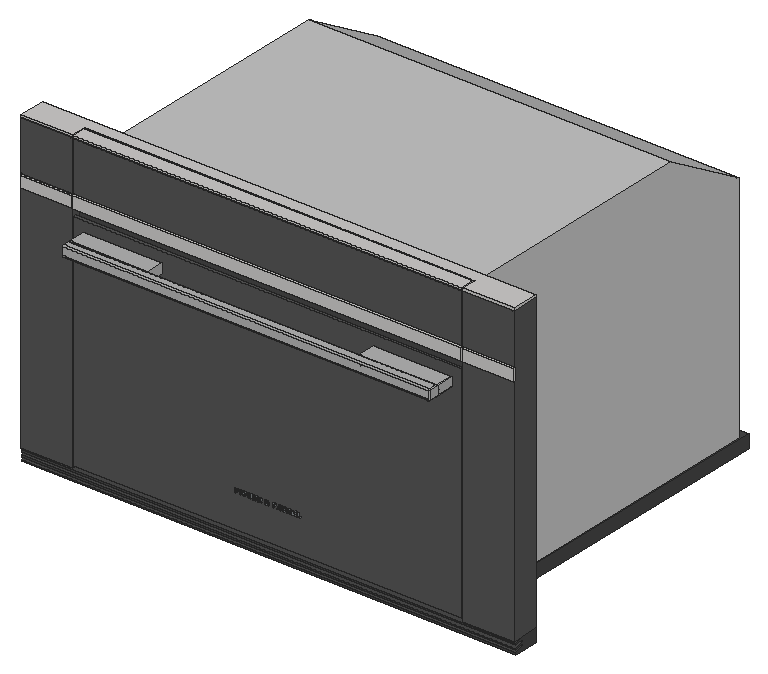
Revit family "FP_Revit_18_OS60NDB1_w_TK76NDB1_Steam_Oven_w_76cm_Trimkit_90000817A", category Specialty Equipment, Revit 2018
Family settings
  Round Connector Dimension = Use Diameter
  Part Type = Normal
  OmniClass Number = 23.40.40.14.17.31
  OmniClass Title = Small Specialized Cooking Equipment
  Work Plane-Based = No
  Always vertical = Yes
  Cut with Voids When Loaded = Yes
  Shared = No
  Room Calculation Point = No
Parameters (values of type "OS60NDB1 + TK76NDB1")
  Visibility - Clearance Required = yes
  URL = "www.fisherpaykel.com"
  Product - Width = 757 mm  # constant formula
  Product - Height = 478 mm  # constant formula
  Product - Depth = 614 mm  # constant formula
  Model = "OS60NDB1 + TK76NDB1"
  Material - Trim = Fisher & Paykel - Stainless Steel
  Material - Structure = Fisher & Paykel - Black
  Material - Handle = Fisher & Paykel - Aluminium
  Material - Glass = Fisher & Paykel - Glass, Black
  Material - Body = Fisher & Paykel - Grey
  Manufacturer = "Fisher & Paykel Appliances"
  FFL Offset [instance] = 900 mm
  Description = "60cm Steam Oven + 76cm Trimkit"
  Connector Description - Electrical = "220-240 V, 50 Hz, 14.5 A"
  Chassis - Width = 560 mm  # constant formula
  Chassis - Height = 446 mm  # constant formula
  Chassis - Depth = 540 mm  # constant formula
  Cavity - Width = 560 mm  # constant formula
  Cavity - Height = 480 mm  # constant formula
  Cavity - Depth = 560 mm  # constant formula
Reference planes
  plane 1 "Center (Front/Back)": y = 0
  plane 2: z = 0
  plane 3 "Center (Left/Right)": x = 0
  plane 4: z = 1380
  plane 5: z = 1378
  plane 6 "Product LHS": x = -378.5
  plane 7 "Product RHS": x = 378.5
  plane 8 "Product - Depth": y = 0
  plane 9 "Cavity LHS": x = -380
  plane 10 "Cavity RHS": x = 380
  plane 11 "Cavity - Depth": y = 560
  plane 12 "Front Face": y = -41.5
  plane 13 "Chassis - Height": z = 0
  plane 14 "Product Depth": y = 540
  plane 15 "FFL Offset": z = 900
Forms (mm)
  Extrusion 1, void
    sketch origin (0, 0, 0) x (0, 1, 0) y (0, 0, 1)
      loop
        line (-41.5, 1380) -> (-41.5, 900) -> (0, 900) -> (0, 1380) -> (-41.5, 1380)
    from -380 to 380
  Extrusion 2, void
    sketch origin (0, 0, 0) x (0, 1, 0) y (0, 0, 1)
      loop
        line (560, 1370) -> (0, 1370) -> (0, 900) -> (560, 900) -> (560, 1370)
    from -280 to 280
Text (mm)
  text "Due to ongoing product development, product details are subject to change without notice. \nPlease always refer to www.fisherpaykel.com for the most current product information. \n© Fisher & Paykel 2020" at (41.04, -413.295, 0), in view "Ref. Level (Plan)"
Dimensions and locks
  equal spacing: plane 6 "Product LHS", plane 3 "Center (Left/Right)", plane 7 "Product RHS"
  "Product - Width": plane 6 "Product LHS" to plane 7 "Product RHS"
  equal spacing: plane 9 "Cavity LHS", plane 3 "Center (Left/Right)", plane 10 "Cavity RHS"
  locked: plane 9 "Cavity LHS" to plane 10 "Cavity RHS" at 760
  plane 12 "Front Face" to plane 1 "Center (Front/Back)" = 41.5 mm
  "Chassis - Depth": plane 1 "Center (Front/Back)" to plane 14 "Product Depth"
  "FFL Offset": plane 15 "FFL Offset" to level
  "Cavity - Depth": plane 1 "Center (Front/Back)" to plane 11 "Cavity - Depth"
  "Product - Height": plane 5 to plane 15 "FFL Offset"
  "Cavity - Height": plane 4 to plane 15 "FFL Offset"
  "Cavity - Width": Extrusion 2 to Extrusion 2
  aligned and locked: level to plane 2
  aligned and locked: plane 15 "FFL Offset" to nested 2
  aligned and locked: nested 2 to plane 8 "Product - Depth"
  aligned and locked: plane 12 "Front Face" to nested 2
  aligned and locked: plane 12 "Front Face" to Extrusion 1 sketch curve
  aligned and locked: Extrusion 1 sketch curve to plane 8 "Product - Depth"
  aligned and locked: plane 15 "FFL Offset" to Extrusion 1 sketch curve
  aligned and locked: Extrusion 1 sketch curve to plane 4
  aligned and locked: Extrusion 1 to plane 10 "Cavity RHS"
  aligned and locked: plane 9 "Cavity LHS" to Extrusion 1
  aligned and locked: Extrusion 2 sketch curve to plane 8 "Product - Depth"
  aligned and locked: Extrusion 2 sketch curve to plane 15 "FFL Offset"
  aligned and locked: plane 11 "Cavity - Depth" to Extrusion 2 sketch curve
  aligned and locked: Extrusion 2 sketch curve to nested 2
Nested families
  nested 1: "FP_Revit_18_OS60NDB1_Steam_Oven_90000817A" at (0, -19.5, 20), FFL Offset <- "FFL Offset", type "OM60NDB1"
    with FFL Offset 900 mm
  nested 2: "FP_Revit_18_TK76ND_Trimkits_90001189A" at (0, 0, 0), FFL Offset <- "FFL Offset", type "TK76NDB1"
    with FFL Offset 900 mm
Connectors
  electrical at (-193.854, 529.119, 959.454), driven by "Connector Description - Electrical"
    settings: on nested 1, index 1, voltage 230 V, apparent load 0 VA, apparent load phase1 0 VA, apparent load phase2 0 VA, apparent load phase3 0 VA, power factor 1, load classification "Other", number of poles 1, system type 30, power factor state 1, is connector primary yes, connector utility no, sub classification motor no, connector description "220-240 V, 50 Hz, 14.5 A"
Definition of nested family "FP_Revit_18_OS60NDB1_Steam_Oven_90000817A"
  Parameters (values of type "OS60NDBB1")
    Visibility - Clearance Required = yes
    URL = "www.fisherpaykel.com"
    Product - Width = 596 mm  # constant formula
    Product - Height = 458 mm  # constant formula
    Product - Depth = 562 mm  # constant formula
    Model = "OS60NDBB1"
    Material - Trim = none
    Material - Structure = none
    Material - Handle = none
    Material - Glass = none
    Material - Body = none
    Manufacturer = "Fisher & Paykel Appliances"
    FFL Offset [instance] = 900 mm
    Description = "60cm Steam Oven"
    Connector Description - Electrical = "220-240 V, 50 Hz, 14.5 A"
    Chassis - Width = 556 mm  # constant formula
    Chassis - Height = 446 mm  # constant formula
    Chassis - Depth = 540 mm  # constant formula
    Cavity - Width = 600 mm  # constant formula
    Cavity - Height = 460 mm  # constant formula
    Cavity - Depth = 560 mm  # constant formula
  Types (4, lengths in mm): name | Model | Description
    OS60NDB1 | "OS60NDB1" | "60cm Steam Oven"
    OM60NDB1 | "OM60NDB1" | "60cm Microwave Oven"
    OM60NDBB1 | "OM60NDBB1" | "60cm Microwave Oven"
    OS60NDBB1 | "OS60NDBB1" | "60cm Steam Oven"
  Reference planes
    plane 1 "Center (Front/Back)": y = 0
    plane 2: z = 0
    plane 3 "Center (Left/Right)": x = 0
    plane 4: z = 1360
    plane 5: z = 1358
    plane 6 "Product LHS": x = -298
    plane 7 "Product RHS": x = 298
    plane 8 "Product - Depth": y = 0
    plane 9 "Cavity LHS": x = -300
    plane 10 "Cavity RHS": x = 300
    plane 11 "Cavity - Depth": y = 560
    plane 12 "Front Face": y = -22
    plane 13 "Chassis - Height": z = 0
    plane 14 "Product Depth": y = 540
    plane 15 "FFL Offset": z = 900
  Forms (mm)
    Extrusion 1, solid, material <- "Material - Body"
      sketch origin (0, 0, 0) x (0, 1, 0) y (0, 0, 1)
        loop
          line (0, 1346) -> (0, 907.28) -> (5.16, 907.28) -> (5.16, 900) -> (534.187, 900) -> (534.187, 1257.991) -> (403.295, 1336.64) -> (24.316, 1336.64) -> (8.71, 1346) -> (0, 1346)
      from -278 to 278
    Extrusion 2, solid, material <- "Material - Structure", detail levels fine
      sketch origin (0, 0, 0) x (0, 1, 0) y (0, 0, 1)
        loop
          line (0, 1353.9) -> (-2, 1353.9) -> (-2, 1355) -> (-18, 1355) -> (-18, 1258) -> (-9.89, 1258) -> (-9.89, 907.28) -> (0, 907.28) -> (0, 1353.9)
      from -298 to 298
    Extrusion 3, solid, material <- "Material - Trim", detail levels fine
      sketch origin (0, 0, 0) x (0, 1, 0) y (0, 0, 1)
        loop
          line (-22, 1358) -> (-22, 1355) -> (-2, 1355) -> (-2, 1358) -> (-22, 1358)
      from -298 to 298
    Extrusion 4, solid, material <- "Material - Glass", detail levels fine
      sketch origin (0, 0, 0) x (0, 1, 0) y (0, 0, 1)
        loop
          line (-18, 1355) -> (-20.262, 1355)
          arc (-20.262, 1355) -> (-21.236, 1354.682) -> (-22, 1354) r 2.5
          line (-22, 1354) -> (-22, 1258) -> (-18, 1258) -> (-18, 1355)
      from -298 to 298
    Extrusion 5, solid, material <- "Material - Glass", detail levels fine
      sketch origin (0, 0, 0) x (0, 1, 0) y (0, 0, 1)
        loop
          line (-22, 1246.53) -> (-22, 904.53) -> (-18, 904.53) -> (-18, 1246.53) -> (-22, 1246.53)
      from -298 to 298
    Extrusion 6, solid, material <- "Material - Structure", detail levels fine
      sketch origin (0, 0, 0) x (0, 1, 0) y (0, 0, 1)
        loop
          line (-18, 1229.33) -> (-18, 907.28) -> (-9.89, 907.28) -> (-9.89, 1229.33) -> (-18, 1229.33)
      from -278 to 278
    Extrusion 7, void
      sketch origin (0, 0, 0) x (1, 0, 0) y (0, 0, 1)
        loop
          line (-158.462, 1052.91) -> (-229.24, 1052.91)
          arc (-229.24, 1052.91) -> (-232.776, 1051.446) -> (-234.24, 1047.91) r 5
          line (-234.24, 1047.91) -> (-234.24, 955.13)
          arc (-234.24, 955.13) -> (-232.776, 951.594) -> (-229.24, 950.13) r 5
          line (-229.24, 950.13) -> (-158.462, 950.13)
          arc (-158.462, 950.13) -> (-154.926, 951.594) -> (-153.462, 955.13) r 5
          line (-153.462, 955.13) -> (-153.462, 1047.91)
          arc (-153.462, 1047.91) -> (-154.926, 1051.446) -> (-158.462, 1052.91) r 5
      from -539.6 to -521.6
    Sweep 8, void
      path in 3D
        loop
          arc (-153.462, 521.6, 955.13) -> (-154.926, 521.6, 951.594) -> (-158.462, 521.6, 950.13) r 5
          line (-158.462, 521.6, 950.13) -> (-229.24, 521.6, 950.13)
          arc (-229.24, 521.6, 950.13) -> (-232.776, 521.6, 951.594) -> (-234.24, 521.6, 955.13) r 5
          line (-234.24, 521.6, 955.13) -> (-234.24, 521.6, 1047.91)
          arc (-234.24, 521.6, 1047.91) -> (-232.776, 521.6, 1051.446) -> (-229.24, 521.6, 1052.91) r 5
          line (-229.24, 521.6, 1052.91) -> (-158.462, 521.6, 1052.91)
          arc (-158.462, 521.6, 1052.91) -> (-154.926, 521.6, 1051.446) -> (-153.462, 521.6, 1047.91) r 5
          line (-153.462, 521.6, 1047.91) -> (-153.462, 521.6, 955.13)
      profile origin (-153.462, 521.6, 1001.52) x (-1, 0, 0) y (0, -1, 0)
        loop
          line (0, 0) -> (-21.3, -12.587) -> (0, -12.587) -> (0, 0)
    Extrusion 9, solid, material <- "Material - Body", detail levels medium+fine
      sketch origin (0, 0, -100) x (1, 0, 0) y (0, 0, 1)
        loop
          line (-175.354, 1115.273) -> (-212.354, 1115.273) -> (-212.354, 1057.273) -> (-175.354, 1057.273) -> (-175.354, 1115.273)
      from -540 to -521.6
    Extrusion 10, solid, material <- "Material - Trim", detail levels fine
      sketch origin (0, 0, 0) x (0, 1, 0) y (0, 0, 1)
        loop
          line (-22, 1258) -> (-22, 1277.8) -> (-22.8, 1277.8) -> (-23.7, 1275.5) -> (-23.7, 1258) -> (-22, 1258)
      from -298 to 298
    Extrusion 11, solid, visible <- "Visibility - Clearance Required", detail levels coarse
      sketch origin (0, 0, 0) x (1, 0, 0) y (0, 1, 0)
        loop
          line (-280, 0) -> (280, 0) -> (280, 548.619) -> (-280, 548.619) -> (-280, 0)
      from 900 to 1360
    Extrusion 12, solid, visible <- "Visibility - Clearance Required", detail levels coarse
      sketch origin (0, 0, 0) x (0, 1, 0) y (0, 0, 1)
        loop
          arc (-22, 1246.53) -> (-241.159, 1161.206) -> (-341.563, 948.532) r 317.644
          line (-341.563, 948.532) -> (-326.406, 946.445) -> (-332.106, 905.048) -> (-316.871, 902.951) -> (-311.171, 944.347) -> (-22, 904.53) -> (-22, 900) -> (0, 900) -> (0, 1360) -> (-22, 1360) -> (-22, 1246.53)
      from -300 to 300
    Sweep 13, solid, material <- "Material - Body", detail levels fine
      path origin (0, 0, -100) x (0, 1, 0) y (0, 0, 1)
        loop
          arc (530.8, 1057.273) -> (536.019, 1044.673) -> (548.619, 1039.454) r 17.819
      profile origin (0, 536.019, 944.673) x (0, 0.707107, 0.707107) y (1, 0, 0)
        loop
          circle (0, -193.854) r 5
    Extrusion 14, solid, material <- "Material - Glass", detail levels coarse+medium
      sketch origin (0, 0, 0) x (0, 1, 0) y (0, 0, 1)
        loop
          line (-22, 1358) -> (-22, 1258) -> (-9.89, 1258) -> (-9.89, 1229.33) -> (-18, 1229.33) -> (-18, 1246.53) -> (-22, 1246.53) -> (-22, 904.53) -> (-18, 904.53) -> (-18, 907.28) -> (0, 907.28) -> (0, 1353.9) -> (-2, 1353.9) -> (-2, 1358) -> (-22, 1358)
      from -298 to 298
    Extrusion 15, solid, material <- "Material - Body", not visible, detail levels medium+fine
      sketch origin (0, 0, 0) x (1, 0, 0) y (0, 0, 1)
        loop
          line (-175.354, 1115.273) -> (-212.354, 1115.273) -> (-212.354, 1057.273) -> (-175.354, 1057.273) -> (-175.354, 1115.273)
      from -540 to -521.6
    Sweep 16, solid, material <- "Material - Body", not visible, detail levels fine
      path origin (0, 0, 0) x (0, 1, 0) y (0, 0, 1)
        loop
          arc (530.8, 1057.273) -> (536.019, 1044.673) -> (548.619, 1039.454) r 17.819
      profile origin (0, 536.019, 1044.673) x (0, 0.707107, 0.707107) y (1, 0, 0)
        loop
          circle (0, -193.854) r 5
    Extrusion 17, void
      sketch origin (0, 0, 0) x (1, 0, 0) y (0, 1, 0)
        loop
          line (-280, 0) -> (280, 0) -> (280, 548.619) -> (-280, 548.619) -> (-280, 0)
      from 900 to 1360
    Extrusion 18, solid, visible <- "Visibility - Clearance Required", detail levels coarse
      sketch origin (0, 0, 0) x (0, 1, 0) y (0, 0, 1)
        loop
          arc (-22, 1246.53) -> (-241.159, 1161.206) -> (-341.563, 948.532) r 317.644
          line (-341.563, 948.532) -> (-326.406, 946.445) -> (-332.106, 905.048) -> (-316.871, 902.951) -> (-311.171, 944.347) -> (-22, 904.53) -> (-22, 900) -> (0, 900) -> (0, 1360) -> (-22, 1360) -> (-22, 1246.53)
      from -300 to 300
    Extrusion 19, void
      sketch origin (0, 0, 0) x (0, 1, 0) y (0, 0, 1)
        loop
          line (-22, 1360) -> (-22, 900) -> (0, 900) -> (0, 1360) -> (-22, 1360)
      from -300 to 300
  Cuts and joins
    Extrusion 7, Sweep 8 cuts Extrusion 1
    Extrusion 7 cuts Extrusion 2
    Extrusion 7 cuts Extrusion 5
    Extrusion 7 cuts Extrusion 6
  Lines and regions (mm)
    sketch lines
      curve 1: line (-153.462, 521.6, 1047.91) -> (-153.462, 521.6, 955.13)
      curve 2: arc (-153.462, 521.6, 1047.91) -> (-154.926, 521.6, 1051.446) -> (-158.462, 521.6, 1052.91) r 5
      curve 3: line (-229.24, 521.6, 1052.91) -> (-158.462, 521.6, 1052.91)
      curve 4: arc (-229.24, 521.6, 1052.91) -> (-232.776, 521.6, 1051.446) -> (-234.24, 521.6, 1047.91) r 5
      curve 5: line (-234.24, 521.6, 955.13) -> (-234.24, 521.6, 1047.91)
      curve 6: arc (-234.24, 521.6, 955.13) -> (-232.776, 521.6, 951.594) -> (-229.24, 521.6, 950.13) r 5
      curve 7: arc (-158.462, 521.6, 950.13) -> (-154.926, 521.6, 951.594) -> (-153.462, 521.6, 955.13) r 5
      curve 8: line (-158.462, 521.6, 950.13) -> (-229.24, 521.6, 950.13)
  Text (mm)
    text "Due to ongoing product development, product details are subject to change without notice. \nPlease always refer to www.fisherpaykel.com for the most current product information. \n© Fisher & Paykel 2020" at (41.04, -413.295, 0), in view "Ref. Level (Plan)"
  Dimensions and locks
    equal spacing: plane 6 "Product LHS", plane 3 "Center (Left/Right)", plane 7 "Product RHS"
    "Product - Width": plane 6 "Product LHS" to plane 7 "Product RHS"
    equal spacing: plane 9 "Cavity LHS", plane 3 "Center (Left/Right)", plane 10 "Cavity RHS"
    "Cavity - Width": plane 9 "Cavity LHS" to plane 10 "Cavity RHS"
    "Cavity - Depth": plane 11 "Cavity - Depth" to plane 1 "Center (Front/Back)"
    locked: plane 12 "Front Face" to plane 1 "Center (Front/Back)" at 22
    "Chassis - Depth": plane 1 "Center (Front/Back)" to plane 14 "Product Depth"
    Extrusion 1 sketch curve to plane 14 "Product Depth" = 5.813 mm
    equal spacing: cut or joined group of Extrusion 1, Extrusion 7, Sweep 8, plane 3 "Center (Left/Right)", cut or joined group of Extrusion 1, Extrusion 7, Sweep 8
    "Chassis - Width": cut or joined group of Extrusion 1, Extrusion 7, Sweep 8 to cut or joined group of Extrusion 1, Extrusion 7, Sweep 8
    "FFL Offset": plane 15 "FFL Offset" to level
    locked: nested 2 to plane 15 "FFL Offset" at 61.04
    locked: cut or joined group of Extrusion 1, Extrusion 7, Sweep 8 to plane 15 "FFL Offset" at 7.28
    locked: Extrusion 14 to plane 15 "FFL Offset" at 4.53
    locked: cut or joined group of Extrusion 1, Extrusion 7, Sweep 8 to plane 15 "FFL Offset" at 436.64
    "Chassis - Height": cut or joined group of Extrusion 1, Extrusion 7, Sweep 8 to plane 15 "FFL Offset"
    Extrusion 11 to plane 15 "FFL Offset" = 460 mm
    locked: plane 15 "FFL Offset" to Extrusion 9 at 57.273
    locked: plane 15 "FFL Offset" to cut or joined group of Extrusion 1, Extrusion 7, Sweep 8 at 50.13
    "Product - Height": plane 5 to plane 15 "FFL Offset"
    "Cavity - Height": plane 4 to plane 15 "FFL Offset"
    locked: nested 1 to plane 15 "FFL Offset" at 330.978
    locked: plane 5 to Extrusion 14 at 100
    locked: plane 5 to Extrusion 14 at 111.47
    locked: Extrusion 12 sketch curve to plane 15 "FFL Offset" at 4.53
    locked: plane 15 "FFL Offset" to Extrusion 7 sketch curve at 152.91
    locked: plane 15 "FFL Offset" to Extrusion 7 sketch curve at 50.13
    aligned and locked: level to plane 2
    aligned and locked: Extrusion 3 sketch curve to plane 5
    aligned and locked: plane 6 "Product LHS" to Extrusion 5
    aligned and locked: Extrusion 5 to plane 7 "Product RHS"
    aligned and locked: Extrusion 4 to plane 7 "Product RHS"
    aligned and locked: plane 6 "Product LHS" to Extrusion 4
    aligned and locked: plane 6 "Product LHS" to Extrusion 3
    aligned and locked: Extrusion 3 to plane 7 "Product RHS"
    aligned and locked: plane 6 "Product LHS" to Extrusion 2
    aligned and locked: Extrusion 2 to plane 7 "Product RHS"
    aligned and locked: plane 14 "Product Depth" to Extrusion 9
    aligned and locked: cut or joined group of Extrusion 1, Extrusion 7, Sweep 8 to Extrusion 9
    aligned and locked: Extrusion 10 to plane 7 "Product RHS"
    aligned and locked: plane 6 "Product LHS" to Extrusion 10
    aligned and locked: Extrusion 14 to plane 7 "Product RHS"
    aligned and locked: plane 6 "Product LHS" to Extrusion 14
    aligned and locked: Extrusion 1 to plane 15 "FFL Offset"
    aligned and locked: Extrusion 11 to cut or joined group of Extrusion 1, Extrusion 7, Sweep 8
    aligned and locked: Extrusion 14 to cut or joined group of Extrusion 1, Extrusion 7, Sweep 8
    aligned and locked: Extrusion 2 to cut or joined group of Extrusion 1, Extrusion 7, Sweep 8
    aligned and locked: Extrusion 6 to cut or joined group of Extrusion 1, Extrusion 7, Sweep 8
    aligned and locked: plane 5 to Extrusion 3
    aligned and locked: plane 5 to Extrusion 14
    aligned and locked: Extrusion 10 to Extrusion 4
    aligned and locked: Extrusion 14 to Extrusion 4
    aligned and locked: Extrusion 4 to cut or joined group of Extrusion 2, Extrusion 7
    aligned and locked: Extrusion 5 to Extrusion 14  (x2)
    aligned and locked: plane 4 to Extrusion 11
    aligned and locked: Extrusion 11 to Sweep 13
    aligned and locked: Extrusion 12 sketch curve to plane 15 "FFL Offset"
    aligned and locked: Extrusion 12 sketch curve to plane 4
    aligned and locked: plane 4 to Extrusion 17
    aligned and locked: Extrusion 17 to cut or joined group of Extrusion 1, Extrusion 7, Sweep 8
    aligned and locked: plane 15 "FFL Offset" to Extrusion 19 sketch curve
    aligned and locked: Extrusion 19 sketch curve to plane 4
  Automatic sketch dimensions
    Extrusion 9 sketch curve to Extrusion 9 sketch curve = 37 mm
    Extrusion 9 sketch curve to Extrusion 9 sketch curve = 58 mm
    Sweep 13 sketch curve to profile plane = 0 mm
    Sweep 13 sketch curve to Sweep 13 sketch curve = 17.819 mm
    Sweep 13 sketch curve to profile plane = 193.854 mm
    Extrusion 15 sketch curve to Extrusion 15 sketch curve = 37 mm
    Extrusion 15 sketch curve to Extrusion 15 sketch curve = 58 mm
    Sweep 16 sketch curve to profile plane = 0 mm
    Sweep 16 sketch curve to Sweep 16 sketch curve = 17.819 mm
    Sweep 16 sketch curve to profile plane = 193.854 mm
    Extrusion 1 sketch curve to plane 1 "Center (Front/Back)" = 0 mm
    Extrusion 1 sketch curve to plane 15 "FFL Offset" = 0 mm
    Extrusion 1 sketch curve to plane 1 "Center (Front/Back)" = 5.16 mm
    Extrusion 1 sketch curve to Extrusion 1 sketch curve = 8.71 mm
    Extrusion 1 sketch curve to Extrusion 1 sketch curve = 15.606 mm
    Extrusion 1 sketch curve to plane 5 = 21.36 mm
    Extrusion 1 sketch curve to plane 14 "Product Depth" = 136.705 mm
    Extrusion 1 sketch curve to Extrusion 1 sketch curve = 7.28 mm
    Extrusion 1 sketch curve to plane 5 = 100.009 mm
    Extrusion 1 sketch curve to plane 5 = 12 mm
    Extrusion 2 sketch curve to plane 1 "Center (Front/Back)" = 0 mm
    plane 1 "Center (Front/Back)" to Extrusion 2 sketch curve = 2 mm
    plane 1 "Center (Front/Back)" to Extrusion 2 sketch curve = 9.89 mm
    plane 12 "Front Face" to Extrusion 2 sketch curve = 4 mm
    plane 15 "FFL Offset" to Extrusion 2 sketch curve = 7.28 mm
    Extrusion 2 sketch curve to plane 5 = 100 mm
    Extrusion 2 sketch curve to plane 5 = 4.1 mm
    Extrusion 2 sketch curve to Extrusion 2 sketch curve = 1.1 mm
    Extrusion 3 sketch curve to plane 12 "Front Face" = 0 mm
    plane 1 "Center (Front/Back)" to Extrusion 3 sketch curve = 2 mm
    Extrusion 3 sketch curve to plane 5 = 3 mm
    Extrusion 4 sketch curve to plane 12 "Front Face" = 0 mm
    plane 12 "Front Face" to Extrusion 4 sketch curve = 1.738 mm
    plane 12 "Front Face" to Extrusion 4 sketch curve = 2.011 mm
    plane 12 "Front Face" to Extrusion 4 sketch curve = 4 mm
    Extrusion 4 sketch curve to plane 5 = 100 mm
    Extrusion 4 sketch curve to plane 5 = 5.485 mm
    Extrusion 4 sketch curve to Extrusion 4 sketch curve = 1.485 mm
    Extrusion 5 sketch curve to plane 12 "Front Face" = 0 mm
    plane 12 "Front Face" to Extrusion 5 sketch curve = 4 mm
    plane 15 "FFL Offset" to Extrusion 5 sketch curve = 4.53 mm
    Extrusion 5 sketch curve to plane 5 = 111.47 mm
    plane 12 "Front Face" to Extrusion 6 sketch curve = 4 mm
    Extrusion 6 sketch curve to Extrusion 6 sketch curve = 8.11 mm
    plane 15 "FFL Offset" to Extrusion 6 sketch curve = 7.28 mm
    Extrusion 6 sketch curve to plane 5 = 128.67 mm
    Extrusion 7 sketch curve to plane 6 "Product LHS" = 63.76 mm
    Extrusion 7 sketch curve to Extrusion 7 sketch curve = 5 mm  (x3)
    Extrusion 7 sketch curve to Extrusion 7 sketch curve = 70.778 mm  (x2)
    Sweep 8 sketch curve to profile plane = 0 mm  (x2)
    Sweep 8 sketch curve to profile plane = 21.3 mm
    profile plane to Sweep 8 sketch curve = 12.587 mm
    Extrusion 10 sketch curve to plane 12 "Front Face" = 0 mm
    Extrusion 10 sketch curve to Extrusion 10 sketch curve = 0.8 mm
    Extrusion 10 sketch curve to plane 12 "Front Face" = 1.7 mm
    Extrusion 10 sketch curve to plane 5 = 100 mm
    Extrusion 10 sketch curve to Extrusion 10 sketch curve = 17.5 mm
    Extrusion 10 sketch curve to Extrusion 10 sketch curve = 2.3 mm
    plane 1 "Center (Front/Back)" to Extrusion 11 sketch curve = 0 mm
    plane 14 "Product Depth" to Extrusion 11 sketch curve = 8.619 mm
    Extrusion 11 sketch curve to plane 6 "Product LHS" = 18 mm
    plane 7 "Product RHS" to Extrusion 11 sketch curve = 18 mm
    Extrusion 12 sketch curve to plane 12 "Front Face" = 0 mm  (x2)
    Extrusion 12 sketch curve to plane 1 "Center (Front/Back)" = 0 mm
    Extrusion 12 sketch curve to plane 12 "Front Face" = 2.526 mm
    plane 15 "FFL Offset" to Extrusion 12 sketch curve = 44.347 mm
    Extrusion 12 sketch curve to Extrusion 12 sketch curve = 286.644 mm
    plane 15 "FFL Offset" to Extrusion 12 sketch curve = 2.951 mm
    plane 15 "FFL Offset" to Extrusion 12 sketch curve = 46.445 mm
    Extrusion 12 sketch curve to Extrusion 12 sketch curve = 15.235 mm
    plane 15 "FFL Offset" to Extrusion 12 sketch curve = 48.532 mm
    Extrusion 12 sketch curve to Extrusion 12 sketch curve = 24.366 mm
    Extrusion 14 sketch curve to plane 5 = 0 mm
    Extrusion 14 sketch curve to plane 12 "Front Face" = 0 mm  (x2)
    Extrusion 14 sketch curve to plane 1 "Center (Front/Back)" = 0 mm
    plane 12 "Front Face" to Extrusion 14 sketch curve = 4 mm  (x2)
    plane 1 "Center (Front/Back)" to Extrusion 14 sketch curve = 9.89 mm
    plane 1 "Center (Front/Back)" to Extrusion 14 sketch curve = 2 mm
    Extrusion 14 sketch curve to plane 5 = 4.1 mm
    Extrusion 14 sketch curve to Extrusion 14 sketch curve = 95.9 mm
    Extrusion 14 sketch curve to Extrusion 14 sketch curve = 11.47 mm
    Extrusion 14 sketch curve to Extrusion 14 sketch curve = 17.2 mm
    plane 15 "FFL Offset" to Extrusion 14 sketch curve = 7.28 mm
    Extrusion 14 sketch curve to Extrusion 14 sketch curve = 2.75 mm
    plane 1 "Center (Front/Back)" to Extrusion 17 sketch curve = 0 mm
    plane 14 "Product Depth" to Extrusion 17 sketch curve = 8.619 mm
    Extrusion 17 sketch curve to plane 6 "Product LHS" = 18 mm
    plane 7 "Product RHS" to Extrusion 17 sketch curve = 18 mm
    Extrusion 18 sketch curve to plane 12 "Front Face" = 0 mm  (x2)
    Extrusion 18 sketch curve to plane 1 "Center (Front/Back)" = 0 mm
    Extrusion 18 sketch curve to plane 15 "FFL Offset" = 0 mm
    Extrusion 18 sketch curve to plane 4 = 0 mm
    Extrusion 18 sketch curve to plane 12 "Front Face" = 2.526 mm
    plane 15 "FFL Offset" to Extrusion 18 sketch curve = 44.347 mm
    Extrusion 18 sketch curve to Extrusion 18 sketch curve = 286.644 mm
    plane 15 "FFL Offset" to Extrusion 18 sketch curve = 2.951 mm
    Extrusion 18 sketch curve to Extrusion 18 sketch curve = 5.7 mm
    plane 15 "FFL Offset" to Extrusion 18 sketch curve = 46.445 mm
    Extrusion 18 sketch curve to Extrusion 18 sketch curve = 15.235 mm
    plane 15 "FFL Offset" to Extrusion 18 sketch curve = 48.532 mm
    Extrusion 18 sketch curve to Extrusion 18 sketch curve = 24.366 mm
    Extrusion 19 sketch curve to plane 12 "Front Face" = 0 mm
    Extrusion 19 sketch curve to plane 1 "Center (Front/Back)" = 0 mm
    radius of Sweep 13 sketch curve = 5 mm
    radius of Sweep 16 sketch curve = 5 mm
  Nested families
    nested 1: "F&P Handle Contemporary Square OB60-24" at (0, -22, 1223), type "Aluminium"
    nested 2: "F&P Logo 100mm" at (0, -22, 955), type "F&P Logo 100mm"
  Connectors
    electrical at (-193.854, 548.619, 939.454), driven by "Connector Description - Electrical"
      settings: on Sweep 13, index 1, voltage 120 V, apparent load 0 VA, apparent load phase1 0 VA, apparent load phase2 0 VA, apparent load phase3 0 VA, power factor 1, load classification none, number of poles 1, system type 30, power factor state 1, is connector primary yes, connector utility no, sub classification motor no, connector description "220-240 V, 50 Hz, 14.5 A"
  Definition of nested family "F&P Handle Contemporary Square OB60-24"
    Parameters (values of type "Aluminium Dark")
      URL = "www.fisherpaykel.com"
      Material - Handle = none
      Manufacturer = "Fisher & Paykel Appliances"
      Handle - Length = 565 mm
    Types (2): name
      Aluminium
      Aluminium Dark
    Reference planes
      plane 1 "Center (Front/Back)": y = 0
      plane 2: z = 0
      plane 3 "Center (Left/Right)": x = 0
      plane 4 "Product LHS": x = -282.5
      plane 5 "Product RHS": x = 282.5
      plane 6 "LHS Standoff": x = -162.495
      plane 7 "RHS Standoff": x = 162.505
    Forms (mm)
      Extrusion 1, solid, material <- "Material - Handle", detail levels fine
        sketch origin (0, 0, 0) x (0, 1, 0) y (0, 0, 1)
          loop
            arc (-28.701, 7.561) -> (-29.057, 7.868) -> (-29.514, 7.978) r 1
            line (-29.514, 7.978) -> (-40.5, 7.978)
            arc (-40.5, 7.978) -> (-41.561, 7.539) -> (-42, 6.478) r 1.5
            line (-42, 6.478) -> (-42, -6.522)
            arc (-42, -6.522) -> (-41.561, -7.583) -> (-40.5, -8.022) r 1.5
            line (-40.5, -8.022) -> (-29.487, -8.022)
            arc (-29.487, -8.022) -> (-29.029, -7.911) -> (-28.673, -7.602) r 1
            arc (-28.673, -7.602) -> (-26.256, -0.016) -> (-28.701, 7.561) r 13.038
        from -282.5 to 282.5
      Extrusion 2, solid, material <- "Material - Handle", detail levels fine
        sketch origin (0, 0, 0) x (0, 1, 0) y (0, 0, 1)
          loop
            arc (-28.23, 7.062) -> (-26.156, 0.008) -> (-28.198, -7.056) r 13.136
            arc (-28.198, -7.056) -> (-28.21, -7.463) -> (-27.86, -7.67) r 0.4
            line (-27.86, -7.67) -> (0, -7.67) -> (0, 7.678) -> (-27.893, 7.678)
            arc (-27.893, 7.678) -> (-28.244, 7.47) -> (-28.23, 7.062) r 0.4
        from 162.505 to 282.5
      Extrusion 3, solid, material <- "Material - Handle", detail levels fine
        sketch origin (0, 0, 0) x (0, 1, 0) y (0, 0, -1)
          loop
            arc (-28.23, -7.062) -> (-28.244, -7.47) -> (-27.893, -7.678) r 0.4
            line (-27.893, -7.678) -> (0, -7.678) -> (0, 7.67) -> (-27.86, 7.67)
            arc (-27.86, 7.67) -> (-28.21, 7.463) -> (-28.198, 7.056) r 0.4
            arc (-28.198, 7.056) -> (-26.156, -0.008) -> (-28.23, -7.062) r 13.136
        from 162.495 to 282.5
      Sweep 4, void
        path in 3D
          loop
            line (282.5, -29.514, 7.978) -> (282.5, -40.5, 7.978)
            arc (282.5, -40.5, 7.978) -> (282.5, -41.561, 7.539) -> (282.5, -42, 6.478) r 1.5
            line (282.5, -42, 6.478) -> (282.5, -42, -6.522)
            arc (282.5, -42, -6.522) -> (282.5, -41.561, -7.583) -> (282.5, -40.5, -8.022) r 1.5
            line (282.5, -40.5, -8.022) -> (282.5, -29.487, -8.022)
        profile origin (282.5, -35.007, 7.978) x (1, 0, 0) y (0, 0, 1)
          loop
            line (0, 0) -> (-1.3, 0) -> (0, -1.3) -> (0, 0)
      Sweep 5, void
        path in 3D
          loop
            line (-282.5, -29.487, -8.022) -> (-282.5, -40.5, -8.022)
            arc (-282.5, -40.5, -8.022) -> (-282.5, -41.561, -7.583) -> (-282.5, -42, -6.522) r 1.5
            line (-282.5, -42, -6.522) -> (-282.5, -42, 6.478)
            arc (-282.5, -42, 6.478) -> (-282.5, -41.561, 7.539) -> (-282.5, -40.5, 7.978) r 1.5
            line (-282.5, -40.5, 7.978) -> (-282.5, -29.514, 7.978)
        profile origin (-282.5, -35.007, 7.978) x (-1, 0, 0) y (0, 0, 1)
          loop
            line (0, 0) -> (-1.3, 0) -> (0, -1.3) -> (0, 0)
      Extrusion 6, void
        sketch origin (0, 0, 0) x (1, 0, 0) y (0, 0, 1)
          loop
            line (282.5, 7.978) -> (281.2, 7.978) -> (282.5, 6.678) -> (282.5, 7.978)
          loop
            line (282.5, -8.022) -> (282.5, -6.722) -> (281.2, -8.022) -> (282.5, -8.022)
        from 0 to 40
      Extrusion 7, void
        sketch origin (0, 0, 0) x (1, 0, 0) y (0, 0, 1)
          loop
            line (-282.5, 7.978) -> (-282.5, 6.678) -> (-281.2, 7.978) -> (-282.5, 7.978)
          loop
            line (-282.5, -8.022) -> (-281.2, -8.022) -> (-282.5, -6.722) -> (-282.5, -8.022)
        from 0 to 40
      Extrusion 8, solid, material <- "Material - Handle", detail levels coarse+medium
        sketch origin (0, 0, 0) x (1, 0, 0) y (0, 1, 0)
          loop
            line (-282.5, -42) -> (282.5, -42) -> (282.5, 0) -> (162.505, 0) -> (162.505, -26.156) -> (-162.495, -26.156) -> (-162.495, 0) -> (-282.5, 0) -> (-282.5, -42)
        from -8.022 to 7.978
    Cuts and joins
      Sweep 4, Sweep 5, Extrusion 6, Extrusion 7 cuts Extrusion 1
      Extrusion 6 cuts Extrusion 2
      Extrusion 7 cuts Extrusion 3
    Lines and regions (mm)
      sketch lines
        curve 1: line (282.5, -29.514, 7.978) -> (282.5, -40.5, 7.978)
        curve 2: arc (282.5, -42, 6.478) -> (282.5, -41.561, 7.539) -> (282.5, -40.5, 7.978) r 1.5
        curve 3: line (282.5, -42, 6.478) -> (282.5, -42, -6.522)
        curve 4: arc (282.5, -40.5, -8.022) -> (282.5, -41.561, -7.583) -> (282.5, -42, -6.522) r 1.5
        curve 5: line (282.5, -40.5, -8.022) -> (282.5, -29.487, -8.022)
        curve 6: line (-282.5, -40.5, 7.978) -> (-282.5, -29.514, 7.978)
        curve 7: arc (-282.5, -40.5, 7.978) -> (-282.5, -41.561, 7.539) -> (-282.5, -42, 6.478) r 1.5
        curve 8: line (-282.5, -42, -6.522) -> (-282.5, -42, 6.478)
        curve 9: arc (-282.5, -42, -6.522) -> (-282.5, -41.561, -7.583) -> (-282.5, -40.5, -8.022) r 1.5
        curve 10: line (-282.5, -29.487, -8.022) -> (-282.5, -40.5, -8.022)
    Dimensions and locks
      equal spacing: plane 4 "Product LHS", plane 3 "Center (Left/Right)", plane 5 "Product RHS"
      "Handle - Length": plane 4 "Product LHS" to plane 5 "Product RHS"
      locked: plane 4 "Product LHS" to plane 6 "LHS Standoff" at 120.005
      locked: plane 7 "RHS Standoff" to plane 5 "Product RHS" at 119.995
      aligned and locked: level to plane 2
      aligned and locked: Extrusion 1 to plane 5 "Product RHS"
      aligned and locked: plane 4 "Product LHS" to Extrusion 1
      aligned and locked: Extrusion 2 to plane 5 "Product RHS"
      aligned and locked: plane 4 "Product LHS" to Extrusion 3
      aligned and locked: plane 4 "Product LHS" to Extrusion 8 sketch curve
      aligned and locked: Extrusion 8 sketch curve to plane 5 "Product RHS"
      aligned and locked: Extrusion 8 sketch curve to plane 7 "RHS Standoff"
      aligned and locked: plane 6 "LHS Standoff" to Extrusion 8 sketch curve
      aligned and locked: Extrusion 2 to plane 7 "RHS Standoff"
      aligned and locked: plane 6 "LHS Standoff" to Extrusion 3
    Automatic sketch dimensions
      Extrusion 1 sketch curve to level = 6.522 mm
      plane 1 "Center (Front/Back)" to Extrusion 1 sketch curve = 42 mm
      Extrusion 1 sketch curve to Extrusion 1 sketch curve = 1.5 mm  (x2)
      Extrusion 1 sketch curve to level = 0.04 mm
      Extrusion 1 sketch curve to Extrusion 1 sketch curve = 1.206 mm
      level to Extrusion 1 sketch curve = 6.978 mm
      Extrusion 1 sketch curve to Extrusion 1 sketch curve = 10.986 mm
      Extrusion 1 sketch curve to Extrusion 1 sketch curve = 11.013 mm
      Extrusion 1 sketch curve to Extrusion 1 sketch curve = 1 mm
      level to Extrusion 1 sketch curve = 6.478 mm
      Extrusion 1 sketch curve to Extrusion 1 sketch curve = 0 mm
      Extrusion 2 sketch curve to plane 1 "Center (Front/Back)" = 0 mm
      Extrusion 2 sketch curve to level = 7.67 mm
      Extrusion 2 sketch curve to Extrusion 2 sketch curve = 27.86 mm
      level to Extrusion 2 sketch curve = 7.678 mm
      Extrusion 2 sketch curve to Extrusion 2 sketch curve = 0.033 mm
      Extrusion 2 sketch curve to level = 0.022 mm
      Extrusion 2 sketch curve to Extrusion 2 sketch curve = 11.398 mm
      Extrusion 2 sketch curve to Extrusion 2 sketch curve = 0.4 mm  (x2)
      Extrusion 2 sketch curve to Extrusion 2 sketch curve = 0 mm
      Extrusion 3 sketch curve to plane 1 "Center (Front/Back)" = 0 mm
      Extrusion 3 sketch curve to level = 7.67 mm
      Extrusion 3 sketch curve to Extrusion 3 sketch curve = 27.86 mm
      level to Extrusion 3 sketch curve = 7.678 mm
      Extrusion 3 sketch curve to Extrusion 3 sketch curve = 0.033 mm
      Extrusion 3 sketch curve to level = 0.022 mm
      Extrusion 3 sketch curve to Extrusion 3 sketch curve = 11.398 mm
      Extrusion 3 sketch curve to Extrusion 3 sketch curve = 0.4 mm  (x2)
      Extrusion 3 sketch curve to Extrusion 3 sketch curve = 0 mm
      profile plane to Sweep 4 sketch curve = 0 mm
      Sweep 4 sketch curve to profile plane = 0 mm
      Sweep 4 sketch curve to profile plane = 1.3 mm
      profile plane to Sweep 4 sketch curve = 1.3 mm
      Sweep 5 sketch curve to profile plane = 0 mm  (x2)
      profile plane to Sweep 5 sketch curve = 1.3 mm
      Sweep 5 sketch curve to profile plane = 1.3 mm
      plane 5 "Product RHS" to Extrusion 6 sketch curve = 0 mm  (x2)
      Extrusion 6 sketch curve to Extrusion 6 sketch curve = 1.3 mm  (x4)
      Extrusion 6 sketch curve to level = 6.722 mm
      level to Extrusion 6 sketch curve = 6.678 mm
      plane 4 "Product LHS" to Extrusion 7 sketch curve = 0 mm  (x2)
      Extrusion 7 sketch curve to plane 4 "Product LHS" = 1.3 mm  (x2)
      Extrusion 7 sketch curve to level = 8.022 mm
      level to Extrusion 7 sketch curve = 6.678 mm
      Extrusion 7 sketch curve to Extrusion 7 sketch curve = 1.3 mm  (x2)
      plane 1 "Center (Front/Back)" to Extrusion 8 sketch curve = 0 mm  (x2)
      Extrusion 8 sketch curve to Extrusion 8 sketch curve = 26.156 mm
      Extrusion 8 sketch curve to Extrusion 8 sketch curve = 42 mm
  Definition of nested family "F&P Logo 100mm"
    Parameters (values of type "F&P Logo 100mm")
      URL = "www.fisherpaykel.com"
      Material - Logo = none
      Manufacturer = "Fisher & Paykel Appliances"
    Reference planes
      plane 1 "Center (Front/Back)": y = 0
      plane 2: z = 0
      plane 3 "Center (Left/Right)": x = 0
    Forms (mm)
      Extrusion 1, solid, material <- "Material - Logo", detail levels fine
        sketch origin (0, 0, 0) x (1, 0, 0) y (0, 0, 1)
          loop
            line (-50.044, 0) -> (-48.47, 0) -> (-48.47, 2.138) -> (-46.011, 2.138) -> (-46.011, 3.472) -> (-48.47, 3.472) -> (-48.47, 4.712) -> (-45.795, 4.712) -> (-45.795, 6.04) -> (-50.044, 6.04) -> (-50.044, 0)
          loop
            line (-42.804, 6.04) -> (-42.804, 0) -> (-41.23, 0) -> (-41.23, 6.04) -> (-42.804, 6.04)
          loop
            line (-30.724, 6.04) -> (-30.724, 0) -> (-29.151, 0) -> (-29.151, 2.42) -> (-26.839, 2.42) -> (-26.839, 0) -> (-25.265, 0) -> (-25.265, 6.04) -> (-26.839, 6.04) -> (-26.839, 3.748) -> (-29.151, 3.748) -> (-29.151, 6.04) -> (-30.724, 6.04)
          loop
            line (-21.906, 6.04) -> (-21.906, 0) -> (-17.602, 0) -> (-17.602, 1.328) -> (-20.347, 1.328) -> (-20.347, 2.42) -> (-17.838, 2.42) -> (-17.838, 3.748) -> (-20.347, 3.748) -> (-20.347, 4.712) -> (-17.602, 4.712) -> (-17.602, 6.04) -> (-21.906, 6.04)
          loop
            line (45.667, 6.04) -> (45.667, 0) -> (49.956, 0) -> (49.956, 1.328) -> (47.241, 1.328) -> (47.241, 6.04) -> (45.667, 6.04)
          loop
            line (42.431, 6.04) -> (38.112, 6.04) -> (38.112, 0) -> (42.431, 0) -> (42.431, 1.328) -> (39.687, 1.328) -> (39.687, 2.42) -> (42.195, 2.42) -> (42.195, 3.748) -> (39.687, 3.748) -> (39.687, 4.712) -> (42.431, 4.712) -> (42.431, 6.04)
          loop
            line (33.451, 3.148) -> (35.683, 6.04) -> (33.844, 6.04) -> (31.915, 3.542) -> (31.915, 6.04) -> (30.342, 6.04) -> (30.342, 0) -> (31.915, 0) -> (31.915, 2.705) -> (33.903, 0) -> (35.763, 0) -> (33.451, 3.148)
          loop
            line (21.98, 6.04) -> (24.262, 2.42) -> (24.262, 0) -> (25.837, 0) -> (25.837, 2.341) -> (28.119, 6.04) -> (26.446, 6.04) -> (25.099, 3.707) -> (23.753, 6.04) -> (21.98, 6.04)
          loop
            line (18.479, 6.04) -> (16.983, 6.04) -> (14.524, 0) -> (16.069, 0) -> (16.501, 1.112) -> (18.921, 1.112) -> (19.354, 0) -> (20.938, 0) -> (18.479, 6.04)
          loop
            line (18.4, 2.439) -> (17.693, 4.174) -> (17.018, 2.439) -> (18.4, 2.439)
          loop
            line (8.031, 6.04) -> (8.031, 0) -> (9.605, 0) -> (9.605, 1.938) -> (10.599, 1.938)
            arc (10.599, 1.938) -> (12.65, 3.989) -> (10.599, 6.04) r 2.051
            line (10.599, 6.04) -> (8.031, 6.04)
          loop
            line (9.605, 4.712) -> (9.605, 3.197) -> (10.501, 3.197)
            arc (10.501, 3.197) -> (11.259, 3.954) -> (10.501, 4.712) r 0.757
            line (10.501, 4.712) -> (9.605, 4.712)
          loop
            line (-11.783, 6.04) -> (-14.366, 6.04) -> (-14.366, 0) -> (-12.792, 0) -> (-12.792, 1.336) -> (-11.992, 1.336) -> (-10.972, 0) -> (-9.153, 0) -> (-10.694, 1.973)
            arc (-10.694, 1.973) -> (-9.678, 4.424) -> (-11.783, 6.04) r 2.179
          loop
            line (-11.897, 4.712) -> (-12.792, 4.712) -> (-12.792, 3.053) -> (-11.897, 3.053)
            arc (-11.897, 3.053) -> (-11.068, 3.882) -> (-11.897, 4.712) r 0.83
          loop
            line (0.477, 4.712) -> (0.477, 6.153) -> (-3.575, 6.153) -> (-3.575, 4.851) -> (-2.974, 4.112)
            arc (-2.974, 4.112) -> (-3.51, 0.684) -> (-0.045, 0.512) r 2.334
            line (-0.045, 0.512) -> (0.46, -0.109) -> (2.246, -0.109) -> (0.86, 1.594) -> (2.061, 3.324) -> (0.443, 3.324) -> (-0.013, 2.667) -> (-1.677, 4.712) -> (0.477, 4.712)
          loop
            arc (-2.125, 3.068) -> (-2.269, 1.668) -> (-0.868, 1.524) r 0.996
            line (-0.868, 1.524) -> (-2.125, 3.068)
          loop
            line (-35.18, 3.634) -> (-36.516, 3.91)
            arc (-36.516, 3.91) -> (-37.049, 4.443) -> (-36.516, 4.976) r 0.533
            arc (-36.516, 4.976) -> (-35.235, 4.79) -> (-34.059, 4.248) r 4.505
            line (-34.059, 4.248) -> (-34.059, 5.743)
            arc (-34.059, 5.743) -> (-35.549, 6.179) -> (-37.1, 6.109) r 4.726
            arc (-37.1, 6.109) -> (-38.536, 4.335) -> (-37.1, 2.561) r 1.814
            line (-37.1, 2.561) -> (-35.754, 2.282)
            arc (-35.754, 2.282) -> (-35.221, 1.749) -> (-35.754, 1.216) r 0.533
            arc (-35.754, 1.216) -> (-37.035, 1.402) -> (-38.211, 1.945) r 4.505
            line (-38.211, 1.945) -> (-38.211, 0.449)
            arc (-38.211, 0.449) -> (-36.72, 0.013) -> (-35.169, 0.083) r 4.726
            arc (-35.169, 0.083) -> (-33.734, 1.863) -> (-35.18, 3.634) r 1.814
        from 0 to 0.8
    Dimensions and locks
      aligned and locked: level to plane 2
Definition of nested family "FP_Revit_18_TK76ND_Trimkits_90001189A"
  Parameters (values of type "TK76NDBB1")
    Visibility - Clearance Required = yes
    URL = "www.fisherpaykel.com"
    Product - Width = 757 mm  # constant formula
    Product - Height = 478 mm  # constant formula
    Product - Depth = 571.5 mm  # constant formula
    Model = "TK76NDBB1"
    Material - Trim = none
    Material - Glass = none
    Material - Body = none
    Manufacturer = "Fisher & Paykel Appliances"
    FFL Offset [instance] = 860 mm
    Description = "76cm Trim Kit"
    Chassis - Width = 560 mm  # constant formula
    Chassis - Height = 20 mm  # constant formula
    Chassis - Depth = 530 mm  # constant formula
    Cavity - Width = 760 mm  # constant formula
    Cavity - Height = 480 mm  # constant formula
    Cavity - Depth = 560 mm  # constant formula
  Types (3, lengths in mm): name | Model
    (no name) | "TK76NDBB1"
    TK76NDB1 | "TK76NDB1"
    TK76NDBB1 | "TK76NDBB1"
  Reference planes
    plane 1 "Center (Front/Back)": y = 0
    plane 2: z = 0
    plane 3 "Center (Left/Right)": x = 0
    plane 4: z = 1340
    plane 5: z = 1338
    plane 6 "Product LHS": x = -378.5
    plane 7 "Product RHS": x = 378.5
    plane 8 "Product - Depth": y = 530
    plane 9 "Cavity LHS": x = -380
    plane 10 "Cavity RHS": x = 380
    plane 11 "Cavity - Depth": y = 560
    plane 12 "Front Face": y = -41.5
    plane 13 "Chassis - Height": z = 880
    plane 14 "FFL Offset": z = 860
  Forms (mm)
    Extrusion 1, solid, material <- "Material - Glass", detail levels fine
      sketch origin (0, 0, 0) x (0, 1, 0) y (0, 0, 1)
        loop
          line (0, 1335) -> (-39.5, 1335)
          arc (-39.5, 1335) -> (-40.617, 1334.734) -> (-41.5, 1334) r 2.521
          line (-41.5, 1334) -> (-41.5, 880) -> (0, 880) -> (0, 1335)
      from -378.5 to 378.5
    Extrusion 2, solid, material <- "Material - Trim", detail levels fine
      sketch origin (0, 0, 0) x (0, 1, 0) y (0, 0, 1)
        loop
          line (0, 1338) -> (-41.5, 1338) -> (-41.5, 1335) -> (0, 1335) -> (0, 1338)
      from -378.5 to 378.5
    Extrusion 3, solid, material <- "Material - Body"
      sketch origin (0, 0, 0) x (1, 0, 0) y (0, 0, 1)
        loop
          line (280, 880) -> (200, 880) -> (200, 861) -> (176, 861) -> (176, 860) -> (280, 860) -> (280, 880)
        loop
          line (-280, 880) -> (-280, 860) -> (-176, 860) -> (-176, 861) -> (-200, 861) -> (-200, 880) -> (-280, 880)
      from -530 to 0
    Extrusion 4, void
      sketch origin (0, 0, 0) x (1, 0, 0) y (0, 1, 0)
        loop
          line (-300, -18.5) -> (-300, -43.192) -> (299.823, -43.192) -> (299.823, -18.5) -> (-300, -18.5)
      from 880 to 1338
    Extrusion 5, void
      sketch origin (0, 0, 0) x (0, 1, 0) y (0, 0, 1)
        loop
          line (-18.5, 880) -> (0, 880) -> (0, 1326.5) -> (-16, 1326.5) -> (-16, 1334) -> (-18.5, 1334) -> (-18.5, 880)
      from -283 to 283
    Extrusion 6, solid, material <- "Material - Trim", detail levels fine
      sketch origin (0, 0, 0) x (0, 1, 0) y (0, 0, 1)
        loop
          line (-41.5, 1257.8) -> (-42.3, 1257.8) -> (-43.192, 1255.35) -> (-43.192, 1238) -> (-41.5, 1238) -> (-41.5, 1257.8)
      from -378.5 to 378.5
    Extrusion 7, solid, material <- "Material - Body", detail levels fine
      sketch origin (0, 0, 15) x (0, 1, 0) y (0, 0, 1)
        loop
          line (-23.654, 865) -> (-39.5, 861.049) -> (-39.5, 858.901) -> (-26, 862.392) -> (-26, 858.092) -> (-39.5, 854.601) -> (-39.5, 852.601) -> (-26, 856.092) -> (-26, 851.848) -> (-39.5, 848.356) -> (-39.5, 846.348) -> (-34.47, 845) -> (0, 845) -> (0, 865) -> (-23.654, 865)
      from -378.5 to 378.5
    Extrusion 8, solid
      sketch origin (0, 0, 0) x (1, 0, 0) y (0, 0, 1)
        loop
          circle (-288, 1202) r 4
        loop
          circle (-288, 1012) r 4
        loop
          circle (288, 1202) r 4
        loop
          circle (288, 1012) r 4
      from 18.5 to 21.5
    Extrusion 9, void
      sketch origin (0, 0, 0) x (1, 0, 0) y (0, 1, 0)
        loop
          circle (-270, 70) r 5
        loop
          circle (-270, 460) r 5
        loop
          circle (270, 70) r 5
        loop
          circle (270, 460) r 5
      from 860 to 880
    Extrusion 10, void
      sketch origin (0, 0, 0) x (0, 1, 0) y (0, 0, 1)
        loop
          circle (460, 870) r 5
        loop
          circle (70, 870) r 5
      from -225 to 225
    Extrusion 11, solid, material <- "Material - Glass", detail levels coarse+medium
      sketch origin (0, 0, 0) x (0, 1, 0) y (0, 0, 1)
        loop
          line (-41.5, 1338) -> (-41.5, 880) -> (0, 880) -> (0, 1338) -> (-41.5, 1338)
      from -378.5 to 378.5
    Extrusion 12, solid, visible <- "Visibility - Clearance Required", detail levels coarse
      sketch origin (0, 0, 0) x (1, 0, 0) y (0, 1, 0)
        loop
          line (-280, 0) -> (280, 0) -> (280, 560) -> (-280, 560) -> (-280, 0)
      from 860 to 1330
    Extrusion 13, solid, visible <- "Visibility - Clearance Required", detail levels coarse
      sketch origin (0, 0, 0) x (1, 0, 0) y (0, 1, 0)
        loop
          line (-380, 0) -> (-380, -41.5) -> (380, -41.5) -> (380, 0) -> (-380, 0)
      from 860 to 1340
    Extrusion 14, void
      sketch origin (0, 0, 0) x (1, 0, 0) y (0, 1, 0)
        loop
          line (-280, 560) -> (-280, 0) -> (280, 0) -> (280, 560) -> (-280, 560)
      from 860 to 1330
    Extrusion 15, void
      sketch origin (0, 0, 0) x (1, 0, 0) y (0, 1, 0)
        loop
          line (-380, -41.5) -> (380, -41.5) -> (380, 0) -> (-380, 0) -> (-380, -41.5)
      from 860 to 1340
    Extrusion 16, solid, material <- "Material - Body", detail levels coarse+medium
      sketch origin (0, 0, 0) x (0, 1, 0) y (0, 0, 1)
        loop
          line (-41.5, 880) -> (-41.5, 860) -> (0, 860) -> (0, 880) -> (-41.5, 880)
      from -378.5 to 378.5
  Cuts and joins
    Extrusion 4, Extrusion 5 cuts Extrusion 1
    Extrusion 4 cuts Extrusion 6
    Extrusion 4 cuts Extrusion 2
    Extrusion 9, Extrusion 10 cuts Extrusion 3
    Extrusion 4, Extrusion 5 cuts Extrusion 11
  Text (mm)
    text "Due to ongoing product development, product details are subject to change without notice. \nPlease always refer to www.fisherpaykel.com for the most current product information. \n© Fisher & Paykel 2020" at (41.04, -248.295, 0), in view "Ref. Level (Plan)"
  Dimensions and locks
    equal spacing: plane 6 "Product LHS", plane 3 "Center (Left/Right)", plane 7 "Product RHS"
    "Product - Width": plane 6 "Product LHS" to plane 7 "Product RHS"
    equal spacing: plane 9 "Cavity LHS", plane 3 "Center (Left/Right)", plane 10 "Cavity RHS"
    "Cavity - Width": plane 9 "Cavity LHS" to plane 10 "Cavity RHS"
    "Cavity - Depth": plane 11 "Cavity - Depth" to plane 1 "Center (Front/Back)"
    "Chassis - Depth": plane 8 "Product - Depth" to plane 1 "Center (Front/Back)"
    "Product - Depth": plane 8 "Product - Depth" to plane 12 "Front Face"
    equal spacing: Extrusion 12, plane 3 "Center (Left/Right)", Extrusion 12
    "Chassis - Width": Extrusion 12 to Extrusion 12
    "Chassis - Height": plane 14 "FFL Offset" to plane 13 "Chassis - Height"
    "Product - Height": plane 5 to plane 14 "FFL Offset"
    "Cavity - Height": plane 4 to plane 14 "FFL Offset"
    Extrusion 10 sketch curve to plane 14 "FFL Offset" = 10 mm
    locked: plane 14 "FFL Offset" to Extrusion 8 sketch curve at 152
    locked: plane 14 "FFL Offset" to Extrusion 8 sketch curve at 342
    locked: plane 5 to Extrusion 14 at 8
    locked: plane 5 to cut or joined group of Extrusion 2, Extrusion 4 at 3
    locked: plane 5 to cut or joined group of Extrusion 4, Extrusion 5, Extrusion 11 at 11.5
    locked: cut or joined group of Extrusion 4, Extrusion 6 to plane 14 "FFL Offset" at 378
    "FFL Offset": plane 14 "FFL Offset" to level
    locked: cut or joined group of Extrusion 3, Extrusion 9, Extrusion 10 to plane 14 "FFL Offset" at 10
    aligned and locked: level to plane 2
    aligned and locked: plane 5 to Extrusion 2 sketch curve
    aligned and locked: plane 6 "Product LHS" to Extrusion 1
    aligned and locked: Extrusion 1 to plane 7 "Product RHS"
    aligned and locked: Extrusion 3 to plane 8 "Product - Depth"
    aligned and locked: Extrusion 2 to plane 7 "Product RHS"
    aligned and locked: plane 6 "Product LHS" to Extrusion 2
    aligned and locked: plane 5 to Extrusion 4
    aligned and locked: Extrusion 6 to plane 7 "Product RHS"
    aligned and locked: plane 6 "Product LHS" to Extrusion 6
    aligned and locked: plane 6 "Product LHS" to Extrusion 7
    aligned and locked: Extrusion 7 to plane 7 "Product RHS"
    aligned and locked: Extrusion 11 to plane 7 "Product RHS"
    aligned and locked: plane 6 "Product LHS" to Extrusion 11
    aligned and locked: plane 4 to Extrusion 13
    aligned and locked: Extrusion 15 sketch curve to plane 10 "Cavity RHS"
    aligned and locked: plane 9 "Cavity LHS" to Extrusion 15 sketch curve
    aligned and locked: plane 4 to Extrusion 15
    aligned and locked: plane 14 "FFL Offset" to Extrusion 3 sketch curve
    aligned and locked: plane 13 "Chassis - Height" to Extrusion 3 sketch curve
    aligned and locked: Extrusion 3 sketch curve to plane 13 "Chassis - Height"
    aligned and locked: Extrusion 3 sketch curve to plane 14 "FFL Offset"
    aligned and locked: Extrusion 11 to cut or joined group of Extrusion 1, Extrusion 4, Extrusion 5
    aligned and locked: Extrusion 12 to cut or joined group of Extrusion 3, Extrusion 9, Extrusion 10
    aligned and locked: Extrusion 12 to Extrusion 14
    aligned and locked: Extrusion 3 to Extrusion 9  (x2)
    aligned and locked: Extrusion 4 to Extrusion 5
    aligned and locked: plane 5 to Extrusion 2
    aligned and locked: Extrusion 14 to cut or joined group of Extrusion 3, Extrusion 9, Extrusion 10
    aligned and locked: Extrusion 7 sketch curve to plane 1 "Center (Front/Back)"
    aligned and locked: Extrusion 7 sketch curve to plane 13 "Chassis - Height"
    aligned and locked: Extrusion 7 sketch curve to plane 14 "FFL Offset"
    aligned and locked: Extrusion 11 to Extrusion 7
    aligned and locked: Extrusion 15 to Extrusion 7
    aligned and locked: Extrusion 15 to cut or joined group of Extrusion 3, Extrusion 9, Extrusion 10
    aligned and locked: Extrusion 11 to cut or joined group of Extrusion 3, Extrusion 9, Extrusion 10
    aligned and locked: Extrusion 4 to Extrusion 1
    aligned and locked: Extrusion 13 to Extrusion 7
    aligned and locked: Extrusion 16 sketch curve to cut or joined group of Extrusion 4, Extrusion 5, Extrusion 11  (x2)
    aligned and locked: Extrusion 12 to Extrusion 16 sketch curve
    aligned and locked: Extrusion 16 sketch curve to Extrusion 13
  Automatic sketch dimensions
    Extrusion 2 sketch curve to plane 1 "Center (Front/Back)" = 0 mm
    Extrusion 2 sketch curve to plane 5 = 3 mm
    plane 1 "Center (Front/Back)" to Extrusion 2 sketch curve = 41.5 mm
    Extrusion 1 sketch curve to plane 1 "Center (Front/Back)" = 0 mm
    plane 12 "Front Face" to Extrusion 1 sketch curve = 2 mm
    plane 12 "Front Face" to Extrusion 1 sketch curve = 2.011 mm
    Extrusion 1 sketch curve to Extrusion 1 sketch curve = 2.521 mm
    Extrusion 1 sketch curve to plane 12 "Front Face" = 0 mm
    Extrusion 5 sketch curve to plane 1 "Center (Front/Back)" = 0 mm
    plane 1 "Center (Front/Back)" to Extrusion 5 sketch curve = 16 mm
    level to Extrusion 5 sketch curve = 880 mm
    Extrusion 5 sketch curve to plane 5 = 11.5 mm
    Extrusion 5 sketch curve to plane 5 = 4 mm
    plane 1 "Center (Front/Back)" to Extrusion 5 sketch curve = 18.5 mm
    Extrusion 6 sketch curve to plane 12 "Front Face" = 0 mm
    Extrusion 6 sketch curve to Extrusion 6 sketch curve = 0.8 mm
    Extrusion 6 sketch curve to Extrusion 6 sketch curve = 1.692 mm
    Extrusion 6 sketch curve to plane 5 = 100 mm
    Extrusion 6 sketch curve to Extrusion 6 sketch curve = 17.35 mm
    Extrusion 6 sketch curve to Extrusion 6 sketch curve = 2.45 mm
    Extrusion 4 sketch curve to plane 12 "Front Face" = 1.692 mm
    Extrusion 4 sketch curve to plane 6 "Product LHS" = 78.5 mm
    plane 7 "Product RHS" to Extrusion 4 sketch curve = 78.677 mm
    plane 1 "Center (Front/Back)" to Extrusion 4 sketch curve = 18.5 mm
    level to Extrusion 1 sketch curve = 880 mm
    Extrusion 8 sketch curve to plane 6 "Product LHS" = 90.5 mm  (x2)
    plane 7 "Product RHS" to Extrusion 8 sketch curve = 90.5 mm  (x2)
    Extrusion 9 sketch curve to plane 6 "Product LHS" = 108.5 mm  (x2)
    plane 7 "Product RHS" to Extrusion 9 sketch curve = 108.5 mm  (x2)
    Extrusion 9 sketch curve to plane 1 "Center (Front/Back)" = 70 mm  (x2)
    Extrusion 9 sketch curve to plane 8 "Product - Depth" = 70 mm  (x2)
    Extrusion 1 sketch curve to plane 5 = 5.521 mm
    Extrusion 12 sketch curve to plane 11 "Cavity - Depth" = 0 mm
    plane 1 "Center (Front/Back)" to Extrusion 12 sketch curve = 0 mm
    Extrusion 12 sketch curve to plane 6 "Product LHS" = 98.5 mm
    plane 7 "Product RHS" to Extrusion 12 sketch curve = 98.5 mm
    Extrusion 13 sketch curve to plane 9 "Cavity LHS" = 0 mm
    Extrusion 13 sketch curve to plane 10 "Cavity RHS" = 0 mm
    plane 1 "Center (Front/Back)" to Extrusion 13 sketch curve = 0 mm
    Extrusion 13 sketch curve to plane 12 "Front Face" = 0 mm
    plane 1 "Center (Front/Back)" to Extrusion 14 sketch curve = 0 mm
    Extrusion 14 sketch curve to plane 11 "Cavity - Depth" = 0 mm
    Extrusion 14 sketch curve to plane 6 "Product LHS" = 98.5 mm
    plane 7 "Product RHS" to Extrusion 14 sketch curve = 98.5 mm
    Extrusion 15 sketch curve to plane 12 "Front Face" = 0 mm
    Extrusion 15 sketch curve to Extrusion 15 sketch curve = 41.5 mm
    Extrusion 3 sketch curve to plane 6 "Product LHS" = 98.5 mm
    plane 14 "FFL Offset" to Extrusion 3 sketch curve = 1 mm  (x2)
    Extrusion 3 sketch curve to Extrusion 3 sketch curve = 80 mm  (x2)
    Extrusion 3 sketch curve to Extrusion 3 sketch curve = 24 mm  (x2)
    plane 3 "Center (Left/Right)" to Extrusion 3 sketch curve = 176 mm
    Extrusion 8 sketch curve to plane 5 = 136 mm
    Extrusion 8 sketch curve to plane 13 "Chassis - Height" = 132 mm
    Extrusion 11 sketch curve to plane 13 "Chassis - Height" = 0 mm
    Extrusion 11 sketch curve to plane 5 = 0 mm
    Extrusion 11 sketch curve to plane 1 "Center (Front/Back)" = 0 mm
    Extrusion 11 sketch curve to plane 12 "Front Face" = 0 mm
    plane 12 "Front Face" to Extrusion 7 sketch curve = 17.846 mm
    plane 13 "Chassis - Height" to Extrusion 7 sketch curve = 2.608 mm
    Extrusion 7 sketch curve to Extrusion 7 sketch curve = 2.346 mm
    Extrusion 7 sketch curve to Extrusion 7 sketch curve = 0 mm
    plane 12 "Front Face" to Extrusion 7 sketch curve = 7.03 mm
    plane 12 "Front Face" to Extrusion 7 sketch curve = 2 mm  (x3)
    plane 14 "FFL Offset" to Extrusion 7 sketch curve = 1.348 mm
    Extrusion 7 sketch curve to Extrusion 7 sketch curve = 2.009 mm
    plane 14 "FFL Offset" to Extrusion 7 sketch curve = 6.848 mm
    Extrusion 7 sketch curve to Extrusion 7 sketch curve = 4.244 mm  (x2)
    Extrusion 7 sketch curve to Extrusion 7 sketch curve = 2 mm  (x2)
    Extrusion 7 sketch curve to Extrusion 7 sketch curve = 4.3 mm
    Extrusion 7 sketch curve to Extrusion 7 sketch curve = 2.148 mm
    Extrusion 10 sketch curve to plane 8 "Product - Depth" = 70 mm
    plane 13 "Chassis - Height" to Extrusion 10 sketch curve = 10 mm
    Extrusion 10 sketch curve to plane 1 "Center (Front/Back)" = 70 mm
    radius of Extrusion 8 sketch curve = 4 mm  (x4)
    radius of Extrusion 9 sketch curve = 5 mm  (x4)
    radius of Extrusion 10 sketch curve = 5 mm  (x2)
